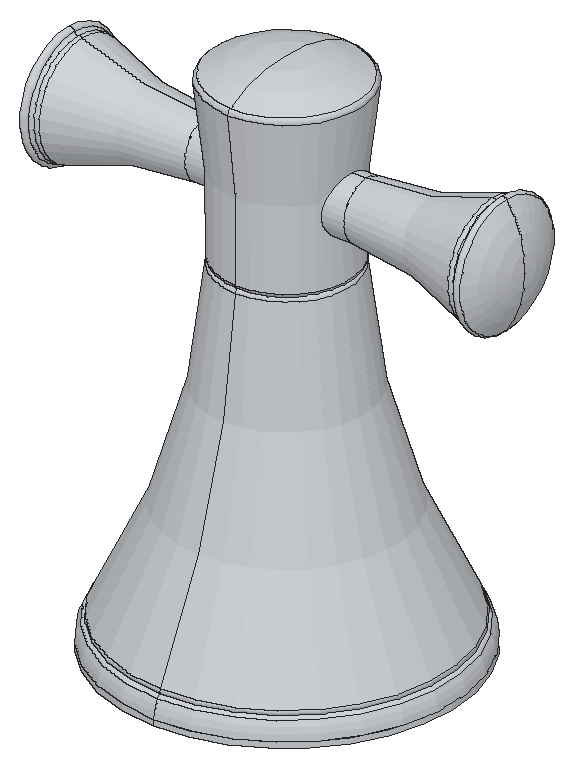
Revit family "Accessory-Robe_Hook-KOHLER-CORALAIS-K-13457T_1", category Specialty Equipment, host Face, Revit 2017
Family settings
  Host = Face
  Round Connector Dimension = Use Diameter
  Part Type = Normal
  OmniClass Number = 23.31.25.27
  OmniClass Title = Robe Hooks
  Cut with Voids When Loaded = No
  Shared = No
  Room Calculation Point = No
Parameters (values of type "CP-Polished Chrome")
  Width = 2.30315"  # constant formula
  WaterSense Certified = 1 = 0  # no
  URL = "http://www.kohler.com.cn/en/"
  Type = 1
  Product Page URL = "https://www.kohler.com.cn/product/K-13457T-CP/K-13457T-CP/"
  Product Name = "CORALAIS"  # constant formula
  Product Documentation Link = "https://files.kohler.com.cn/pdfs/13430t_13428t.pdf"
  Model = if(Type = 1, "K-13457T-CP", if(Type = 2, "K-13457T-AF", if(Type = 3, "K-13457T-BL", "NA")))  # "K-13457T-CP"
  Material = "Premium Metal Construction"  # constant formula
  Master Format 2014 Name = "Toilet, Bath, and Laundry Accessories"  # constant formula
  Master Format 2014 = "10 28 00"  # constant formula
  Manufacturer Address = "Kohler Beijing Office (100016) 36-2-03-B, No. 88, Liuxiang Road, Beijing"  # constant formula
  Manufacturer = "KOHLER Co."  # constant formula
  Length = 3.66142"  # constant formula
  Height = 2.30315"  # constant formula
  Finish = Kohler-Metal-CP-Polished_Chrome
  Environmental Product Declaration = ""
  Description = "Double hook"  # constant formula
  Default Elevation = 42"
  Declare Label = ""
  Date Modified = "07/09/2020"  # constant formula
  Date Created = "07/09/2020"  # constant formula
  Copyright = "Copyright KOHLER Co."  # constant formula
  Contact Us = "http://www.kohler.com.cn/en/contact/contact-us/"
  Assembly Code = "C1030200"
  ADA Compliant = 1 = 0  # no
Types (4): name | Type | Product Page URL | Model | Finish
  (no name) | 1 | "https://www.kohler.com.cn/product/K-13457T-CP/K-13457T-CP/" | "K-13457T-CP" | Kohler-Metal-CP-Polished_Chrome
  CP-Polished Chrome | 1 | "https://www.kohler.com.cn/product/K-13457T-CP/K-13457T-CP/" | "K-13457T-CP" | Kohler-Metal-CP-Polished_Chrome
  AF-Flange Gold | 2 | "https://www.kohler.com.cn/product/K-13457T-CP/K-13457T-AF/" | "K-13457T-AF" | Kohler-Metal-AF-Flange_Gold
  BL-Matte Black | 3 | "https://www.kohler.com.cn/product/K-13457T-CP/K-13457T-BL/" | "K-13457T-BL" | Kohler-Metal-BL-Matte_Black
Reference planes (in)
  plane 1 "Center (Front/Back)": y = 0
  plane 2: z = 0
  plane 3 "Center (Left/Right)": x = 0
  plane 4: y = 1.15313
  plane 5: x = 1.15085
  plane 6: x = -1.1523
  plane 7: y = -1.15002
  plane 8: z = 3.66142
  plane 9: x = -1.65271
  plane 10: x = 1.65271
  plane 11: y = 0.50876
  plane 12: x = -0.50876
  plane 13: x = 0.50876
  plane 14: y = -0.50876
  plane 15: z = 0.173
  plane 16: z = 2.40569
  plane 17: z = 2.8937
  plane 18: z = 3.30594
  plane 19: y = 0.41223
  plane 20: y = -0.41223
  plane 21: z = 2.48147
Dimensions and locks (in)
  "Height": plane 4 to plane 7
  "Width": plane 6 to plane 5
  locked: plane 3 "Center (Left/Right)" to plane 10 at 1.65271
  "Length": level to plane 8
  aligned and locked: plane 2 to host face
  aligned and locked: level to host face
Automatic sketch dimensions
  host sketch curve to host sketch curve = 96"  (x2)
Nested families (in)
  nested 1: "K-13457T" at (0, 0, 0), type "K-13457T"
Definition of nested family "K-13457T"
  Parameters (values of type "K-13457T")
    Material = none
  Reference planes (in)
    plane 1 "Center (Front/Back)": y = 0
    plane 2: z = 0
    plane 3 "Center (Left/Right)": x = 0
    plane 4: x = -1.65271
    plane 5: x = 1.65271
    plane 6: y = 1.15075
    plane 7: y = -1.15075
    plane 8: z = 3.66073
    plane 9: x = -1.15085
    plane 10: x = 1.15085
    plane 11: z = 0.03718
    plane 12: z = 0.19397
    plane 13: z = 0.17376
    plane 14: z = 2.40569
    plane 15: z = 2.38638
  Forms (in)
    Revolve 1, solid, material <- "Material", detail levels medium+fine
      sketch origin (0, 0, 0) x (0, 1, 0) y (0, 0, 1)
        loop
          line (0, 0) -> (0, 3.66073)
          arc (0, 3.66073) -> (-0.25238, 3.63607) -> (-0.48945, 3.54608) r 0.95829
          arc (-0.48945, 3.54608) -> (-0.50438, 3.53047) -> (-0.50736, 3.50907) r 0.03516
          arc (-0.50736, 3.50907) -> (-0.44296, 2.96728) -> (-0.43916, 2.4217) r 4.90339
          arc (-0.43916, 2.4217) -> (-0.4323, 2.4056) -> (-0.41542, 2.40101) r 0.02005
          arc (-0.41542, 2.40101) -> (-0.4334, 2.39387) -> (-0.44158, 2.37633) r 0.0262
          arc (-0.44158, 2.37633) -> (-0.63996, 1.25193) -> (-1.09301, 0.2039) r 4.90339
          arc (-1.09301, 0.2039) -> (-1.09706, 0.18883) -> (-1.09301, 0.17376) r 0.03008
          arc (-1.09301, 0.17376) -> (-1.10873, 0.16948) -> (-1.1201, 0.15781) r 0.03098
          arc (-1.1201, 0.15781) -> (-1.14295, 0.10058) -> (-1.15073, 0.03944) r 0.24403
          line (-1.15073, 0.03944) -> (-1.15073, 0) -> (0, 0)
        axis (0, 3.66073) -> (0, 0)
      angle from 0 to 360
    Revolve 2, solid, material <- "Material", detail levels medium+fine
      sketch origin (0, 0, 0) x (1, 0, 0) y (0, 0, 1)
        loop
          line (0.1768, 2.8937) -> (1.65353, 2.8937)
          arc (1.65353, 2.8937) -> (1.62194, 3.10664) -> (1.52587, 3.29928) r 0.68556
          arc (1.52587, 3.29928) -> (1.49706, 3.31029) -> (1.47569, 3.28806) r 0.02791
          arc (1.47569, 3.28806) -> (1.46694, 3.27535) -> (1.45162, 3.27346) r 0.01882
          arc (1.45162, 3.27346) -> (1.43564, 3.27543) -> (1.41999, 3.27171) r 0.0455
          arc (1.41999, 3.27171) -> (0.99487, 3.1364) -> (0.55109, 3.09066) r 2.1755
          line (0.55109, 3.09066) -> (0.1768, 3.09066) -> (0.1768, 2.8937)
        loop
          line (-0.1768, 2.8937) -> (-0.1768, 3.09066) -> (-0.55109, 3.09066)
          arc (-0.55109, 3.09066) -> (-0.99479, 3.13638) -> (-1.41984, 3.27164) r 2.1755
          arc (-1.41984, 3.27164) -> (-1.43559, 3.27539) -> (-1.45166, 3.27345) r 0.04596
          arc (-1.45166, 3.27345) -> (-1.46696, 3.27536) -> (-1.47569, 3.28806) r 0.01882
          arc (-1.47569, 3.28806) -> (-1.49706, 3.31029) -> (-1.52587, 3.29928) r 0.02791
          arc (-1.52587, 3.29928) -> (-1.62194, 3.10664) -> (-1.65353, 2.8937) r 0.68556
          line (-1.65353, 2.8937) -> (-0.1768, 2.8937)
        axis (1.65353, 2.8937) -> (-1.65353, 2.8937)
      angle from 0 to 360
    Revolve 3, solid, material <- "Material", detail levels coarse
      sketch origin (0, 0, 0) x (1, 0, 0) y (0, 0, 1)
        loop
          arc (0, 3.65781) -> (-0.3568, 3.52907) -> (-0.54921, 3.20217) r 0.55881
          line (-0.54921, 3.20217) -> (-1.15075, 0) -> (0, 0) -> (0, 3.65781)
        axis (0, 3.65781) -> (0, 0)
      angle from 0 to 360
    Revolve 4, solid, material <- "Material", detail levels coarse
      sketch origin (0, 0, 0) x (1, 0, 0) y (0, 0, 1)
        loop
          line (-1.65964, 2.8937) -> (1.6684, 2.8937) -> (1.6684, 3.29593) -> (-1.65964, 3.29593) -> (-1.65964, 2.8937)
        axis (1.6684, 2.8937) -> (-1.65964, 2.8937)
      angle from 0 to 360
  Cuts and joins
    joined: Revolve 1, Revolve 2
    joined: Revolve 3, Revolve 4
  Lines and regions (in)
    Masking region 1
      outline origin (0, 0, 0) x (1, 0, 0) y (0, 1, 0)
        loop
          arc (-1.11803, 0.27244) -> (-1.28246, 0.32328) -> (-1.44203, 0.38776) r 2.04561
          arc (-1.44203, 0.38776) -> (-1.46249, 0.37941) -> (-1.47214, 0.39928) r 0.01615
          arc (-1.47214, 0.39928) -> (-1.50466, 0.41069) -> (-1.5347, 0.39381) r 0.04181
          arc (-1.5347, 0.39381) -> (-1.65271, -0.00043) -> (-1.5347, -0.39467) r 0.71751
          arc (-1.5347, -0.39467) -> (-1.50447, -0.41124) -> (-1.47214, -0.39928) r 0.04154
          arc (-1.47214, -0.39928) -> (-1.46239, -0.37965) -> (-1.44203, -0.38776) r 0.01618
          arc (-1.44203, -0.38776) -> (-1.28254, -0.32305) -> (-1.11802, -0.27249) r 1.97422
          arc (-1.11802, -0.27249) -> (0, -1.15075) -> (1.11802, -0.27249) r 1.15075
          arc (1.11802, -0.27249) -> (1.28254, -0.32305) -> (1.44203, -0.38776) r 1.97422
          arc (1.44203, -0.38776) -> (1.46239, -0.37965) -> (1.47214, -0.39928) r 0.01618
          arc (1.47214, -0.39928) -> (1.50447, -0.41124) -> (1.5347, -0.39467) r 0.04154
          arc (1.5347, -0.39467) -> (1.65271, -0.00043) -> (1.5347, 0.39381) r 0.71751
          arc (1.5347, 0.39381) -> (1.50466, 0.41069) -> (1.47214, 0.39928) r 0.04181
          arc (1.47214, 0.39928) -> (1.46249, 0.37941) -> (1.44203, 0.38776) r 0.01615
          arc (1.44203, 0.38776) -> (1.28246, 0.32328) -> (1.11803, 0.27244) r 2.04561
          arc (1.11803, 0.27244) -> (0, 1.15075) -> (-1.11803, 0.27244) r 1.15075
    Masking region 2
      outline origin (0, 0, 0) x (1, 0, 0) y (0, 0, 1)
        loop
          line (0, 0) -> (1.15075, 0) -> (1.15075, 0.03718)
          arc (1.15075, 0.03718) -> (1.13742, 0.11977) -> (1.09877, 0.19397) r 0.26248
          arc (1.09877, 0.19397) -> (0.59261, 1.39923) -> (0.43348, 2.69674) r 4.7588
          arc (0.43348, 2.69674) -> (0.94888, 2.66015) -> (1.44203, 2.50594) r 2.23057
          arc (1.44203, 2.50594) -> (1.46342, 2.51346) -> (1.47214, 2.49253) r 0.01651
          arc (1.47214, 2.49253) -> (1.50385, 2.48232) -> (1.5333, 2.49788) r 0.04289
          arc (1.5333, 2.49788) -> (1.6535, 2.89353) -> (1.5333, 3.28918) r 0.71124
          arc (1.5333, 3.28918) -> (1.50358, 3.30486) -> (1.47214, 3.29298) r 0.04091
          arc (1.47214, 3.29298) -> (1.46233, 3.27353) -> (1.44203, 3.28146) r 0.01619
          arc (1.44203, 3.28146) -> (0.95861, 3.12658) -> (0.45227, 3.09066) r 2.12708
          arc (0.45227, 3.09066) -> (0.4748, 3.30002) -> (0.50716, 3.50809) r 4.47062
          arc (0.50716, 3.50809) -> (0.50298, 3.5327) -> (0.48406, 3.54898) r 0.03679
          arc (0.48406, 3.54898) -> (0.24933, 3.63648) -> (0, 3.66073) r 0.96666
          arc (0, 3.66073) -> (-0.24933, 3.63648) -> (-0.48406, 3.54898) r 0.96666
          arc (-0.48406, 3.54898) -> (-0.50298, 3.5327) -> (-0.50716, 3.50809) r 0.03679
          arc (-0.50716, 3.50809) -> (-0.4748, 3.30002) -> (-0.45227, 3.09066) r 4.47062
          arc (-0.45227, 3.09066) -> (-0.95861, 3.12658) -> (-1.44203, 3.28146) r 2.12708
          arc (-1.44203, 3.28146) -> (-1.46233, 3.27353) -> (-1.47214, 3.29298) r 0.01619
          arc (-1.47214, 3.29298) -> (-1.50358, 3.30486) -> (-1.5333, 3.28918) r 0.04091
          arc (-1.5333, 3.28918) -> (-1.6535, 2.89353) -> (-1.5333, 2.49788) r 0.71124
          arc (-1.5333, 2.49788) -> (-1.50385, 2.48232) -> (-1.47214, 2.49253) r 0.04289
          arc (-1.47214, 2.49253) -> (-1.46342, 2.51346) -> (-1.44203, 2.50594) r 0.01651
          arc (-1.44203, 2.50594) -> (-0.94888, 2.66015) -> (-0.43348, 2.69674) r 2.23057
          arc (-0.43348, 2.69674) -> (-0.59261, 1.39923) -> (-1.09877, 0.19397) r 4.7588
          arc (-1.09877, 0.19397) -> (-1.13742, 0.11977) -> (-1.15075, 0.03718) r 0.26248
          line (-1.15075, 0.03718) -> (-1.15075, 0) -> (0, 0)
    Masking region 3
      outline origin (0, 0, 0) x (0, 1, 0) y (0, 0, 1)
        loop
          line (0, 0) -> (1.15075, 0) -> (1.15075, 0.03699)
          arc (1.15075, 0.03699) -> (1.13281, 0.11815) -> (1.09877, 0.19397) r 0.40719
          arc (1.09877, 0.19397) -> (0.51314, 1.79337) -> (0.50531, 3.4966) r 4.94165
          arc (0.50531, 3.4966) -> (0.50591, 3.52734) -> (0.48406, 3.54898) r 0.03903
          arc (0.48406, 3.54898) -> (0.24943, 3.63692) -> (0, 3.66073) r 0.95369
          arc (0, 3.66073) -> (-0.24943, 3.63692) -> (-0.48406, 3.54898) r 0.95369
          arc (-0.48406, 3.54898) -> (-0.50591, 3.52734) -> (-0.50531, 3.4966) r 0.03903
          arc (-0.50531, 3.4966) -> (-0.51314, 1.79337) -> (-1.09877, 0.19397) r 4.94165
          arc (-1.09877, 0.19397) -> (-1.13281, 0.11815) -> (-1.15075, 0.03699) r 0.40719
          line (-1.15075, 0.03699) -> (-1.15075, 0) -> (0, 0)
    symbolic lines, detail levels medium+fine
      curve 1: line (-1.53477, 0.39268, 0) -> (-1.53477, -0.39283, 0)
      curve 2: line (-1.47214, 0.39928, 0) -> (-1.47214, -0.39928, 0)
      curve 3: line (-1.44203, -0.38776, 0) -> (-1.44203, 0.38776, 0)
      curve 4: arc (-1.06753, -0.26018, 0) -> (0, -1.09877, 0) -> (1.06753, -0.26018, 0) r 1.09877
      curve 5: arc (-0.46905, 0.19706, 0) -> (-0.7963, 0.21078, 0) -> (-1.11782, 0.2733, 0) r 2.18291
      curve 6: arc (-0.46905, -0.19706, 0) -> (-0.7963, -0.21078, 0) -> (-1.11782, -0.2733, 0) r 2.18291
      curve 7: line (1.53477, 0.39268, 0) -> (1.53477, -0.39283, 0)
      curve 8: line (1.47214, 0.39928, 0) -> (1.47214, -0.39928, 0)
      curve 9: line (1.44203, -0.38776, 0) -> (1.44203, 0.38776, 0)
      curve 10: arc (0.46905, 0.19706, 0) -> (0.7963, 0.21078, 0) -> (1.11782, 0.2733, 0) r 2.18291
      curve 11: arc (0.46905, -0.19706, 0) -> (0.7963, -0.21078, 0) -> (1.11782, -0.2733, 0) r 2.18291
      curve 12: arc (1.06753, 0.26018, 0) -> (0, 1.09877, 0) -> (-1.06753, 0.26018, 0) r 1.09877
      curve 13: circle (0, 0, 0) r 0.50876 normal (0, 0, 1)
      curve 14: circle (0, 0, 0) r 0.48406 normal (0, 0, 1)
      curve 15: line (-1.47214, 0, 2.49442) -> (-1.47214, 0, 3.29298)
      curve 16: line (-1.44203, 0, 2.50594) -> (-1.44203, 0, 3.28146)
      curve 17: line (1.47214, 0, 2.49442) -> (1.47214, 0, 3.29298)
      curve 18: line (1.44203, 0, 2.50594) -> (1.44203, 0, 3.28146)
      curve 19: line (-0.48406, 0, 3.54898) -> (0.48406, 0, 3.54898)
      curve 20: line (-1.09877, 0, 0.19397) -> (1.09877, 0, 0.19397)
      curve 21: arc (-0.43348, 0, 2.69674) -> (-0.39284, 0, 2.89613) -> (-0.45264, 0, 3.09064) r 0.41176
      curve 22: arc (0.43348, 0, 2.69674) -> (0.39284, 0, 2.89613) -> (0.45264, 0, 3.09064) r 0.41176
      curve 23: line (0, 0.48406, 3.54898) -> (0, -0.48406, 3.54898)
      curve 24: circle (0, 0, 2.8937) r 0.41223 normal (1, 0, 0)
      curve 25: line (0, 1.09877, 0.19397) -> (0, -1.09877, 0.19397)
      curve 26: line (1.5333, 0, 3.28918) -> (1.5333, 0, 2.49788)
      curve 27: line (-1.5333, 0, 3.28918) -> (-1.5333, 0, 2.49788)
      curve 28: line (0.50716, 0, 3.50809) -> (-0.50716, 0, 3.50809)
      curve 29: line (0.4378, 0, 2.40569) -> (-0.4378, 0, 2.40569)
      curve 30: line (0.43871, 0, 2.38638) -> (-0.43871, 0, 2.38638)
      curve 31: line (1.15075, 0, 0.03718) -> (-1.15075, 0, 0.03718)
      curve 32: line (1.11288, 0, 0.173) -> (-1.11288, 0, 0.173)
      curve 33: line (0, 1.10971, 0.17376) -> (0, -1.10971, 0.17376)
      curve 34: line (0, 1.15075, 0.03699) -> (0, -1.15075, 0.03699)
      curve 35: line (0, 0.50531, 3.4966) -> (0, -0.50531, 3.4966)
      curve 36: line (0, -0.44217, 2.40569) -> (0, 0.44217, 2.40569)
      curve 37: line (0, 0.44323, 2.38638) -> (0, -0.44323, 2.38638)
  Dimensions and locks (in)
    aligned and locked: plane 2 to level
